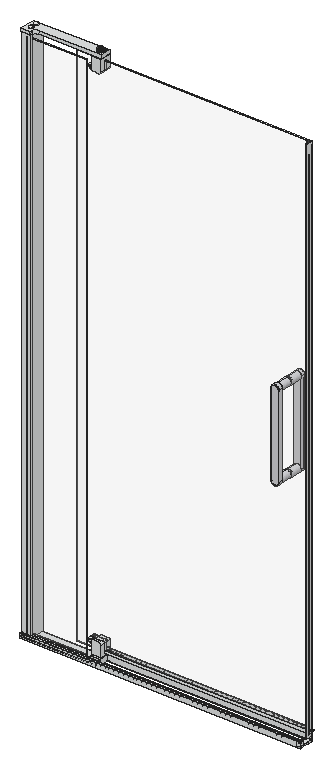
Revit family "Shower-Shower_Door-KOHLER-Revel-K-707510_1", category Specialty Equipment, host Face, Revit 2022 (continued)
Definition of nested family "K-707510"
  Dimensions and locks (in)
    aligned and locked: Extrusion 34 sketch curve to Extrusion 33  (x2)
    aligned and locked: Extrusion 34 sketch curve to plane 12
    aligned and locked: Extrusion 34 sketch curve to plane 11
    aligned and locked: Extrusion 35 sketch curve to Extrusion 4  (x2)
    aligned and locked: Extrusion 35 sketch curve to plane 4
    aligned and locked: plane 9 to Extrusion 35
    aligned and locked: plane 4 to Extrusion 36
    aligned and locked: plane 6 to Extrusion 36
    aligned and locked: Extrusion 37 sketch curve to plane 6
    aligned and locked: Extrusion 37 sketch curve to Extrusion 22
    aligned and locked: Extrusion 22 to Extrusion 37 sketch curve
    aligned and locked: plane 25 to Extrusion 37
    aligned and locked: plane 29 to Masking region 1 sketch curve
  Automatic sketch dimensions
    curve 94 to curve 95 = 0"  (x2)
    curve 94 to curve 96 = 0"  (x2)
    curve 94 to curve 97 = 0"  (x2)
    curve 94 to curve 98 = 0"  (x2)
    curve 95 to curve 96 = 0"  (x2)
    curve 95 to curve 97 = 0"  (x2)
    curve 95 to curve 98 = 0"  (x2)
    curve 96 to curve 97 = 0"  (x2)
    curve 96 to curve 98 = 0"  (x2)
    curve 97 to curve 98 = 0"  (x2)
    curve 175 to curve 176 = 0"  (x2)
    curve 175 to curve 177 = 0"  (x2)
    curve 175 to curve 178 = 0"  (x2)
    curve 176 to curve 177 = 0"  (x2)
    curve 176 to curve 178 = 0"  (x2)
    curve 177 to curve 178 = 0"  (x2)
    curve 83 to plane 4 = 0"
    curve 77 to plane 15 = 0"
    plane 1 "Center (Front/Back)" to curve 96 = 0"
    curve 98 to plane 30 = 0"
    curve 78 to plane 15 = 0"
    curve 81 to plane 29 = 0"
    curve 135 to plane 29 = 0"
    plane 16 to curve 145 = 0"
    plane 16 to curve 146 = 0"
    curve 166 to plane 17 = 0"
    curve 170 to plane 17 = 0"
    curve 161 to plane 6 = 0"
    curve 171 to plane 6 = 0"
    curve 156 to plane 6 = 0"
    plane 16 to curve 170 = 0"
    plane 21 "A" to curve 134 = 0.03673"
    plane 20 to curve 134 = 0.13423"
    plane 22 "B" to curve 119 = 0.03673"
    plane 20 to curve 119 = 0.13423"
    plane 20 to curve 131 = 0.03673"
    plane 20 to curve 132 = 0.03673"
    plane 20 to curve 114 = 0.03673"
    plane 20 to curve 112 = 0.03673"
    curve 124 to plane 20 = 0.03673"
    curve 126 to plane 20 = 0.03673"
    curve 121 to plane 20 = 0.03673"
    curve 115 to plane 20 = 0.03673"
    plane 22 "B" to curve 115 = 0.03673"
    curve 113 to curve 115 = 0.0975"
    plane 21 "A" to curve 128 = 0.03673"
    curve 129 to curve 128 = 0.0975"
    curve 84 to curve 84 = 0.09093"
    curve 88 to plane 5 = 61/256"
    curve 87 to plane 5 = 0.03"
    curve 86 to plane 5 = 0.03"
    curve 108 to plane 1 "Center (Front/Back)" = 0.02884"
    plane 30 to curve 108 = 0.1285"
    plane 30 to curve 173 = 0.07998"
    plane 30 to curve 100 = 0.02884"
    plane 30 to curve 101 = 0.02884"
    plane 30 to curve 178 = 0.0001"
    plane 30 to curve 172 = 0.0001"
    curve 109 to plane 30 = 0.02884"
    curve 102 to plane 30 = 0.02884"
    plane 1 "Center (Front/Back)" to curve 104 = 0.02884"
    curve 106 to curve 104 = 0.09966"
    plane 1 "Center (Front/Back)" to curve 174 = 0.04856"
    curve 174 to plane 29 = 0.23277"
    curve 153 to plane 22 "B" = 0.01865"
    curve 153 to plane 17 = 0.03365"
    plane 17 to curve 168 = 0.01322"
    plane 17 to curve 149 = 0.02423"
    curve 149 to curve 151 = 0.00633"
    curve 150 to curve 152 = 0.05885"
    curve 136 to curve 150 = 0.02791"
    plane 17 to curve 162 = 0.11822"
    curve 162 to curve 163 = 0.01968"
    curve 163 to curve 160 = 0.00559"
    plane 1 "Center (Front/Back)" to curve 139 = 0.097"
    curve 137 to plane 1 "Center (Front/Back)" = 0.135"
    curve 161 to plane 21 "A" = 0.01791"
    curve 161 to curve 161 = 0.12867"
    curve 161 to curve 160 = 0.02447"
    curve 152 to plane 6 = 0.06578"
    curve 159 to plane 6 = 0.03401"
    curve 153 to plane 6 = 0.0305"
    curve 83 to curve 82 = 0.1652"
    curve 87 to plane 16 = 0.4581"
    curve 87 to curve 88 = 0.11575"
    curve 133 to curve 129 = 0.0975"
    curve 123 to plane 21 "A" = 0.03673"
    curve 125 to plane 21 "A" = 0.03673"
    curve 161 to curve 159 = 0.03702"
    curve 123 to curve 123 = 0.0975"
    plane 1 "Center (Front/Back)" to curve 162 = 0.15131"
    curve 162 to curve 163 = 0.01294"
    curve 107 to curve 106 = 0.09966"
    plane 1 "Center (Front/Back)" to curve 110 = 0.02884"
    curve 102 to plane 1 "Center (Front/Back)" = 0.02884"
    curve 99 to curve 172 = 0.00248"
    curve 136 to curve 150 = 0.05535"
    curve 99 to curve 99 = 0.09966"
    curve 150 to curve 151 = 0.06544"
    curve 151 to curve 149 = 0.00927"
    curve 114 to plane 22 "B" = 0.13423"
    curve 158 to curve 156 = 0.03627"
    curve 121 to plane 22 "B" = 0.03673"
    curve 118 to plane 22 "B" = 0.03673"
    curve 111 to curve 112 = 0.0975"
    plane 22 "B" to curve 173 = 0.16284"
    curve 173 to curve 178 = 0.00699"
    curve 91 to curve 84 = 0.00607"
    plane 5 to curve 90 = 0.27052"
    plane 5 to curve 77 = 0.38638"
    curve 96 to curve 105 = 0.2311"
    curve 94 to curve 105 = 0.08693"
    plane 22 "B" to curve 173 = 0.01706"
    curve 77 to curve 173 = 0.00276"
    curve 172 to curve 173 = 0"
    curve 178 to curve 173 = 0.01712"
    curve 173 to curve 176 = 0.00256"
    curve 78 to plane 30 = 0.12544"
    plane 1 "Center (Front/Back)" to curve 174 = 0.13925"
    curve 78 to plane 29 = 0.1683"
    curve 92 to plane 29 = 0.04478"
    plane 1 "Center (Front/Back)" to curve 142 = 0.1776"
    curve 142 to plane 7 "K" = 0.49213"
    curve 91 to plane 7 "K" = 0.49213"
    curve 141 to plane 15 = 0.19046"
    curve 141 to plane 7 "K" = 0.49213"
    curve 148 to plane 7 "K" = 0.49213"
    plane 7 "K" to curve 169 = 0.49213"
    curve 143 to curve 146 = 0"
    plane 7 "K" to curve 148 = 0.49213"
    curve 144 to curve 143 = 0"
    curve 149 to plane 17 = 0.08525"
    curve 164 to curve 149 = 0.02832"
    curve 163 to curve 166 = 0.01729"
    curve 165 to curve 151 = 0.01577"
    curve 166 to curve 167 = 0.04882"
    curve 145 to curve 147 = 0.05765"
    curve 170 to curve 169 = 0.25835"
    curve 171 to plane 16 = 0.32273"
    curve 90 to curve 93 = 0.123"
    curve 92 to curve 90 = 0.11678"
    curve 170 to curve 166 = 0.15865"
    curve 80 to plane 21 "A" = 0.21563"
    curve 145 to curve 142 = 0.15865"
    curve 146 to plane 21 "A" = 0.21563"
    curve 144 to curve 144 = 0.0806"
    curve 79 to curve 139 = 0.0806"
    curve 141 to curve 140 = 0.06725"
    curve 79 to plane 15 = 0.19046"
    curve 143 to plane 15 = 0.19046"
    plane 13 to curve 148 = 0.51403"
    curve 38 to curve 39 = 0"  (x2)
    plane 4 to curve 3 = 0"
    plane 4 to curve 5 = 0"
    curve 1 to plane 8 = 0"
    curve 4 to plane 18 = 0"
    curve 4 to plane 19 = 0"
    curve 3 to plane 9 = 0"
    curve 14 to plane 23 "C" = 0"
    curve 6 to plane 5 = 0"
    curve 5 to plane 5 = 0"
    curve 36 to plane 19 = 0"
    curve 13 to plane 18 = 0"
    curve 25 to plane 8 = 0"
    curve 22 to plane 9 = 0"
    curve 37 to plane 19 = 0"
    curve 15 to plane 18 = 0"
    curve 16 to plane 17 = 0"
    curve 18 to plane 17 = 0"
    curve 21 to plane 24 = 0"
    curve 17 to plane 6 = 0"
    curve 38 to plane 10 "D" = 0"
    curve 20 to plane 24 = 0"
    curve 6 to plane 19 = 0"
    curve 14 to plane 5 = 0.03234"
    plane 10 "D" to curve 36 = 0.02692"
    plane 5 to curve 36 = 0.26228"
    curve 7 to plane 23 "C" = 0.03784"
    plane 5 to curve 7 = 0.28002"
    curve 34 to curve 34 = 0.25241"
    curve 7 to curve 8 = 0.24016"
    plane 10 "D" to curve 35 = 0.02692"
    curve 35 to plane 29 = 0.31124"
    curve 9 to plane 29 = 0.28385"
    curve 11 to plane 23 "C" = 0.03893"
    plane 17 to curve 21 = 0.11822"
    plane 18 to curve 18 = 0.04195"
    plane 8 to curve 2 = 0.03277"
    plane 20 to curve 2 = 0.246"
    curve 2 to curve 1 = 0"  (x2)
    curve 1 to plane 20 = 0.246"
    curve 4 to plane 20 = 0.48083"
    curve 1 to curve 3 = 0.23863"
    plane 5 to curve 24 = 0.26706"
    curve 34 to curve 39 = 0.02188"
    plane 28 to curve 27 = 0.16051"
    plane 30 to curve 27 = 0.32504"
    plane 30 to curve 13 = 0.23622"
    curve 12 to curve 13 = 0"
    curve 27 to curve 25 = 23/256"
    curve 27 to curve 26 = 23/256"
    curve 23 to plane 9 = 0.07121"
    plane 30 to curve 23 = 0.23519"
    curve 22 to curve 23 = 0"  (x2)
    curve 22 to plane 30 = 0.23519"
    curve 25 to plane 30 = 0.23519"
    curve 26 to curve 25 = 0"
    curve 13 to plane 30 = 0.23622"
    curve 13 to curve 12 = 0.00481"
    curve 26 to curve 27 = 23/256"
    curve 24 to plane 29 = 0.06361"
    curve 15 to plane 29 = 0.04478"
    curve 28 to curve 20 = 0.07434"
    curve 18 to curve 15 = 0.13054"
    curve 16 to level = 0.00013"
    plane 18 to curve 12 = 0.12358"
    plane 18 to curve 11 = 0.16295"
    plane 18 to curve 7 = 0.46758"
    curve 6 to curve 7 = 0"
    curve 11 to curve 19 = 0.54145"
    plane 23 "C" to curve 14 = 0.31068"
    curve 38 to plane 10 "D" = 0.16965"
    curve 24 to plane 9 = 0.13399"
    curve 26 to curve 27 = 0.063"
    Extrusion 1 sketch curve to level = 0"
    Extrusion 1 sketch curve to plane 16 = 0.06835"
    Extrusion 1 sketch curve to Extrusion 1 sketch curve = 0.0575"
    Extrusion 1 sketch curve to Extrusion 1 sketch curve = 0.00517"
    Extrusion 1 sketch curve to Extrusion 1 sketch curve = 0.01419"
    Extrusion 1 sketch curve to Extrusion 1 sketch curve = 0.06095"
    level to Extrusion 1 sketch curve = 1/16"
    Extrusion 1 sketch curve to plane 21 "A" = 0.24875"
    Extrusion 1 sketch curve to Extrusion 1 sketch curve = 0.0269"
    Extrusion 1 sketch curve to plane 15 = 0.11294"
    Extrusion 1 sketch curve to plane 15 = 0.10972"
    level to Extrusion 1 sketch curve = 0.0362"
    level to Extrusion 1 sketch curve = 0.1353"
    Extrusion 1 sketch curve to Extrusion 1 sketch curve = 0.18081"
    Extrusion 1 sketch curve to plane 18 = 0.14992"
    Extrusion 2 sketch curve to plane 16 = 0"
    Extrusion 2 sketch curve to plane 18 = 0"
    Extrusion 2 sketch curve to level = 0"
    Extrusion 2 sketch curve to Extrusion 2 sketch curve = 0.02565"
    Extrusion 2 sketch curve to Extrusion 2 sketch curve = 0.04849"
    Extrusion 2 sketch curve to plane 16 = 0.06835"
    Extrusion 2 sketch curve to Extrusion 2 sketch curve = 0.01986"
    Extrusion 2 sketch curve to Extrusion 2 sketch curve = 0.13"
    Extrusion 2 sketch curve to Extrusion 2 sketch curve = 0.03"
    Extrusion 2 sketch curve to Extrusion 2 sketch curve = 0.02306"
    level to Extrusion 2 sketch curve = 0.06"
    Extrusion 2 sketch curve to plane 21 "A" = 0.21563"
    Extrusion 2 sketch curve to level = 0.00012"
    Extrusion 2 sketch curve to Extrusion 2 sketch curve = 0.05002"
    Extrusion 2 sketch curve to Extrusion 2 sketch curve = 0.06012"
    Extrusion 2 sketch curve to Extrusion 2 sketch curve = 0.23886"
    Extrusion 2 sketch curve to Extrusion 2 sketch curve = 0.03927"
    Extrusion 3 sketch curve to plane 16 = 0"
    Extrusion 3 sketch curve to plane 18 = 0"
    plane 16 to Extrusion 3 sketch curve = 0.01592"
    Extrusion 3 sketch curve to Extrusion 3 sketch curve = 0.01926"
    Extrusion 3 sketch curve to plane 16 = 0.27398"
    Extrusion 3 sketch curve to Extrusion 3 sketch curve = 0.02839"
    level to Extrusion 3 sketch curve = 0.12718"
    Extrusion 3 sketch curve to Extrusion 3 sketch curve = 0.02873"
    Extrusion 3 sketch curve to Extrusion 3 sketch curve = 0.00215"
    Extrusion 3 sketch curve to Extrusion 3 sketch curve = 0.01786"
    Extrusion 3 sketch curve to Extrusion 3 sketch curve = 0.03964"
    level to Extrusion 3 sketch curve = 0.02652"
    Extrusion 3 sketch curve to plane 21 "A" = 0.24875"
    Extrusion 3 sketch curve to level = 0.00012"
    Extrusion 3 sketch curve to plane 22 "B" = 0.05137"
    Extrusion 3 sketch curve to plane 22 "B" = 0.04724"
    Extrusion 3 sketch curve to plane 22 "B" = 0.01862"
    level to Extrusion 3 sketch curve = 0.03588"
    Extrusion 3 sketch curve to Extrusion 3 sketch curve = 0.03586"
    Extrusion 3 sketch curve to Extrusion 3 sketch curve = 0.17605"
    plane 18 to Extrusion 3 sketch curve = 0.01936"
    Extrusion 4 sketch curve to plane 4 = 0"  (x3)
    Extrusion 4 sketch curve to Extrusion 4 sketch curve = 0.0602"  (x3)
    plane 20 to Extrusion 4 sketch curve = 0.07962"  (x2)
    Extrusion 4 sketch curve to plane 20 = 0.12868"
    Extrusion 4 sketch curve to Extrusion 4 sketch curve = 0.35216"
    Extrusion 4 sketch curve to plane 15 = 0.06541"
    Extrusion 4 sketch curve to plane 20 = 0.48463"
    Extrusion 4 sketch curve to Extrusion 4 sketch curve = 0.08028"
    Extrusion 4 sketch curve to plane 22 "B" = 0.05739"
    Extrusion 4 sketch curve to Extrusion 4 sketch curve = 0.06414"
    Extrusion 4 sketch curve to plane 21 "A" = 0.12285"
    Extrusion 4 sketch curve to plane 21 "A" = 0.05862"
    plane 21 "A" to Extrusion 4 sketch curve = 0.29112"
    Extrusion 4 sketch curve to Extrusion 4 sketch curve = 0.11575"
    Extrusion 4 sketch curve to plane 16 = 0.32135"
    Extrusion 4 sketch curve to Extrusion 4 sketch curve = 0.063"
    plane 20 to Extrusion 5 sketch curve = 0.07962"  (x2)
    Extrusion 5 sketch curve to plane 20 = 0.12868"
    Extrusion 5 sketch curve to plane 5 = 61/256"
    Extrusion 5 sketch curve to plane 5 = 0.03"  (x2)
    Extrusion 5 sketch curve to plane 16 = 0.4581"
    Extrusion 5 sketch curve to Extrusion 5 sketch curve = 0.11575"
    Extrusion 6 sketch curve to plane 15 = 0"
    Extrusion 6 sketch curve to plane 16 = 0.20009"
    Extrusion 6 sketch curve to plane 20 = 0.45693"
    Extrusion 6 sketch curve to Extrusion 6 sketch curve = 0.09093"
    Extrusion 6 sketch curve to Extrusion 6 sketch curve = 0.51584"
    Extrusion 6 sketch curve to Extrusion 6 sketch curve = 0.07427"
    Revolve 7 sketch curve to plane 8 = 0.10388"
    Revolve 7 sketch curve to Revolve 7 sketch curve = 0.03277"
    Revolve 7 sketch curve to Revolve 7 sketch curve = 0.17753"
    Revolve 7 sketch curve to plane 28 = 0.02929"
    Revolve 7 sketch curve to Revolve 7 sketch curve = 0.2419"
    Revolve 8 sketch curve to Revolve 8 sketch curve = 0.03277"
    Revolve 8 sketch curve to Revolve 8 sketch curve = 0.17753"
    Revolve 8 sketch curve to plane 8 = 0.10388"
    plane 28 to Revolve 8 sketch curve = 0.01062"
    Revolve 8 sketch curve to plane 28 = 0.13893"
    Extrusion 9 sketch curve to level = 0"
    Extrusion 9 sketch curve to plane 16 = 0.06835"
    Extrusion 9 sketch curve to Extrusion 9 sketch curve = 0.0575"
    Extrusion 9 sketch curve to Extrusion 9 sketch curve = 0.11628"
    Extrusion 9 sketch curve to Extrusion 9 sketch curve = 0.01"
    Extrusion 9 sketch curve to Extrusion 9 sketch curve = 0.0365"
    Extrusion 9 sketch curve to plane 18 = 0.00492"  (x2)
    Extrusion 9 sketch curve to Extrusion 9 sketch curve = 0.03091"
    Extrusion 9 sketch curve to Extrusion 9 sketch curve = 0.05911"
    Extrusion 9 sketch curve to Extrusion 9 sketch curve = 1/8"
    Extrusion 9 sketch curve to Extrusion 9 sketch curve = 0.04573"
    Extrusion 9 sketch curve to Extrusion 9 sketch curve = 0.27637"
    Extrusion 9 sketch curve to Extrusion 9 sketch curve = 0.06091"
    Extrusion 9 sketch curve to Extrusion 9 sketch curve = 0.04562"
    level to Extrusion 9 sketch curve = 1/16"
    Extrusion 9 sketch curve to plane 21 "A" = 0.24913"
    Extrusion 9 sketch curve to Extrusion 9 sketch curve = 1/32"
    Extrusion 9 sketch curve to plane 15 = 0.07674"
    level to Extrusion 9 sketch curve = 0.13559"
    level to Extrusion 9 sketch curve = 1/4"
    Extrusion 9 sketch curve to Extrusion 9 sketch curve = 0.05172"
    Extrusion 9 sketch curve to plane 18 = 0.14992"
    Extrusion 10 sketch curve to plane 23 "C" = 0.03784"
    plane 5 to Extrusion 10 sketch curve = 0.28002"
    Extrusion 10 sketch curve to Extrusion 10 sketch curve = 0.03852"
    Extrusion 10 sketch curve to Extrusion 10 sketch curve = 0.24016"
    Extrusion 10 sketch curve to plane 23 "C" = 0.03893"
    Extrusion 10 sketch curve to plane 29 = 0.28385"
    Extrusion 10 sketch curve to Extrusion 10 sketch curve = 0.03937"
    plane 18 to Extrusion 10 sketch curve = 0.16295"
    plane 1 "Center (Front/Back)" to Extrusion 11 sketch curve = 0.223"
    Extrusion 11 sketch curve to plane 22 "B" = 0.04449"
    plane 18 to Extrusion 11 sketch curve = 0.46758"
    Extrusion 11 sketch curve to plane 23 "C" = 0.5088"
    plane 5 to Extrusion 12 sketch curve = 0.29971"
    Extrusion 12 sketch curve to plane 23 "C" = 0.25831"
    Extrusion 12 sketch curve to Extrusion 12 sketch curve = 0.22047"
    Extrusion 12 sketch curve to plane 23 "C" = 0.03893"
    Extrusion 12 sketch curve to plane 29 = 0.28385"
    plane 18 to Extrusion 12 sketch curve = 0.46758"
    plane 22 "B" to Revolve 13 sketch curve = 0.069"
    plane 22 "B" to Revolve 13 sketch curve = 0.02888"
    Revolve 13 sketch curve to plane 22 "B" = 0.14723"
    Revolve 13 sketch curve to Revolve 13 sketch curve = 0.03917"  (x2)
    plane 1 "Center (Front/Back)" to Revolve 13 sketch curve = 0.097"
    Revolve 13 sketch curve to Revolve 13 sketch curve = 0.17611"
    Revolve 13 sketch curve to plane 5 = 0.03234"  (x2)
    Revolve 13 sketch curve to plane 21 "A" = 0.19948"
    Revolve 13 sketch curve to plane 5 = 0.18945"
    Revolve 13 sketch curve to Revolve 13 sketch curve = 0.1116"  (x2)
    Revolve 13 sketch curve to Revolve 13 sketch curve = 0.00353"  (x2)
    Revolve 13 sketch curve to Revolve 13 sketch curve = 0.138"
    Revolve 13 sketch curve to Revolve 13 sketch curve = 0"
    plane 30 to Extrusion 14 sketch curve = 0.40567"
    Extrusion 14 sketch curve to Extrusion 14 sketch curve = 0.10908"  (x7)
    Extrusion 14 sketch curve to plane 30 = 0.21931"
    Extrusion 14 sketch curve to Extrusion 14 sketch curve = 0"  (x2)
    plane 23 "C" to Extrusion 14 sketch curve = 0.69196"
    Extrusion 14 sketch curve to Extrusion 14 sketch curve = 0.06298"  (x6)
    Extrusion 14 sketch curve to Extrusion 14 sketch curve = 0.12596"  (x6)
    Revolve 15 sketch curve to plane 5 = 0"  (x2)
    plane 22 "B" to Revolve 15 sketch curve = 0.07592"
    plane 22 "B" to Revolve 15 sketch curve = 0.0358"
    Revolve 15 sketch curve to plane 22 "B" = 0.14031"
    Revolve 15 sketch curve to Revolve 15 sketch curve = 0.03917"  (x2)
    plane 1 "Center (Front/Back)" to Revolve 15 sketch curve = 0.09007"
    Revolve 15 sketch curve to Revolve 15 sketch curve = 0.17611"
    Revolve 15 sketch curve to Revolve 15 sketch curve = 0.04012"
    Revolve 15 sketch curve to plane 5 = 0.15711"
    Revolve 15 sketch curve to Revolve 15 sketch curve = 0.1116"  (x2)
    Revolve 15 sketch curve to Revolve 15 sketch curve = 0.00353"  (x2)
    Revolve 15 sketch curve to Revolve 15 sketch curve = 0.04117"
    Revolve 15 sketch curve to Revolve 15 sketch curve = 0.03191"
    plane 1 "Center (Front/Back)" to Extrusion 16 sketch curve = 0.1776"
    plane 1 "Center (Front/Back)" to Extrusion 16 sketch curve = 0.13662"
    Extrusion 16 sketch curve to Extrusion 16 sketch curve = 0.01969"
    plane 1 "Center (Front/Back)" to Extrusion 16 sketch curve = 0.097"
    Extrusion 16 sketch curve to plane 1 "Center (Front/Back)" = 0.019"
    Extrusion 16 sketch curve to plane 1 "Center (Front/Back)" = 0.135"
    Extrusion 16 sketch curve to Extrusion 16 sketch curve = 0.01577"
    Extrusion 16 sketch curve to Extrusion 16 sketch curve = 0.06816"
    Extrusion 16 sketch curve to Extrusion 16 sketch curve = 0.02029"
    Extrusion 16 sketch curve to plane 22 "B" = 0.06943"
    Extrusion 16 sketch curve to plane 22 "B" = 0.05981"
    Extrusion 16 sketch curve to plane 22 "B" = 0.04455"
    Extrusion 16 sketch curve to Extrusion 16 sketch curve = 0.00192"
    Extrusion 16 sketch curve to Extrusion 16 sketch curve = 0.02195"
    Extrusion 16 sketch curve to plane 22 "B" = 0.0158"
    plane 22 "B" to Extrusion 16 sketch curve = 0.02709"
    plane 22 "B" to Extrusion 16 sketch curve = 0.1554"
    Extrusion 16 sketch curve to Extrusion 16 sketch curve = 0.13668"
    Extrusion 16 sketch curve to plane 15 = 0.10279"
    plane 13 to Extrusion 16 sketch curve = 0.13751"
    level to Extrusion 16 sketch curve = 0.02205"
    plane 18 to Extrusion 16 sketch curve = 0.38094"
    plane 18 to Extrusion 16 sketch curve = 0.46758"
    Extrusion 16 sketch curve to Extrusion 16 sketch curve = 0.05297"
    Extrusion 16 sketch curve to Extrusion 16 sketch curve = 0.06092"
    Extrusion 16 sketch curve to Extrusion 16 sketch curve = 0.00797"
    Extrusion 16 sketch curve to Extrusion 16 sketch curve = 0.08"
    Extrusion 16 sketch curve to Extrusion 16 sketch curve = 0.0482"
    Extrusion 16 sketch curve to Extrusion 16 sketch curve = 0.00549"
    Extrusion 16 sketch curve to Extrusion 16 sketch curve = 0.13016"
    Extrusion 16 sketch curve to Extrusion 16 sketch curve = 0.17562"
    Extrusion 16 sketch curve to Extrusion 16 sketch curve = 0.03365"
    Extrusion 16 sketch curve to Extrusion 16 sketch curve = 0.22138"
    Extrusion 16 sketch curve to Extrusion 16 sketch curve = 0.42658"
    Extrusion 16 sketch curve to Extrusion 16 sketch curve = 0.04739"
    Extrusion 16 sketch curve to plane 23 "C" = 0.6411"
    Extrusion 16 sketch curve to Extrusion 16 sketch curve = 0"  (x4)
    Extrusion 16 sketch curve to plane 22 "B" = 0.00715"
    Extrusion 16 sketch curve to Extrusion 16 sketch curve = 0.00661"
    Extrusion 17 sketch curve to Extrusion 17 sketch curve = 0.03321"  (x2)
    plane 10 "D" to Extrusion 17 sketch curve = 0.02692"  (x2)
    Extrusion 17 sketch curve to plane 29 = 0.05882"
    plane 30 to Extrusion 17 sketch curve = 0.37444"
    plane 1 "Center (Front/Back)" to Extrusion 18 sketch curve = 0.22762"
    Extrusion 18 sketch curve to plane 22 "B" = 0.08637"
    Revolve 19 sketch curve to plane 28 = 0"  (x2)
    plane 30 to Revolve 19 sketch curve = 0"  (x2)
    plane 28 to Revolve 19 sketch curve = 0.0456"
    Revolve 19 sketch curve to Revolve 19 sketch curve = 0.21543"
    plane 30 to Revolve 19 sketch curve = 0.23519"
    Revolve 19 sketch curve to Revolve 19 sketch curve = 0"
    Revolve 19 sketch curve to Revolve 19 sketch curve = 0.03937"
    plane 28 to Revolve 19 sketch curve = 0.02777"
    Revolve 19 sketch curve to Revolve 19 sketch curve = 0.0629"
    plane 28 to Revolve 19 sketch curve = 0.02391"
    plane 28 to Revolve 19 sketch curve = 0.16051"
    Revolve 19 sketch curve to Revolve 19 sketch curve = 23/256"
    Revolve 19 sketch curve to Revolve 19 sketch curve = 0.03457"
    Revolve 19 sketch curve to plane 9 = 0.07121"
    plane 5 to Revolve 19 sketch curve = 0.26706"
    Revolve 19 sketch curve to Revolve 19 sketch curve = 0.06278"
    plane 9 to Revolve 19 sketch curve = 0.12667"
    Revolve 19 sketch curve to Revolve 19 sketch curve = 0.08534"
    Revolve 19 sketch curve to Revolve 19 sketch curve = 0.063"
    Revolve 19 sketch curve to Revolve 19 sketch curve = 0.19685"
    plane 5 to Extrusion 20 sketch curve = 0.28196"
    plane 10 "D" to Extrusion 20 sketch curve = 0.02692"  (x2)
    Extrusion 20 sketch curve to Extrusion 20 sketch curve = 0.23273"
    Extrusion 20 sketch curve to plane 29 = 0.31124"
    Extrusion 21 sketch curve to plane 22 "B" = 0.01865"
    Extrusion 21 sketch curve to Extrusion 21 sketch curve = 0.0175"
    Extrusion 21 sketch curve to Extrusion 21 sketch curve = 0.0305"
    Extrusion 21 sketch curve to Extrusion 21 sketch curve = 0.00451"
    Extrusion 21 sketch curve to Extrusion 21 sketch curve = 0.03627"
    plane 17 to Extrusion 21 sketch curve = 0.02423"
    Extrusion 21 sketch curve to Extrusion 21 sketch curve = 0.11878"
    Extrusion 21 sketch curve to Extrusion 21 sketch curve = 0.00927"
    Extrusion 21 sketch curve to Extrusion 21 sketch curve = 0.00479"
    Extrusion 21 sketch curve to plane 1 "Center (Front/Back)" = 0.07435"
    plane 1 "Center (Front/Back)" to Extrusion 21 sketch curve = 0.11549"
    Extrusion 21 sketch curve to Extrusion 21 sketch curve = 0.02288"
    Extrusion 21 sketch curve to Extrusion 21 sketch curve = 0.01294"
    Extrusion 21 sketch curve to plane 21 "A" = 0.05493"
    Extrusion 21 sketch curve to plane 21 "A" = 0.01791"
    plane 17 to Extrusion 21 sketch curve = 0.01322"
    Extrusion 21 sketch curve to plane 17 = 0.03365"
    Extrusion 21 sketch curve to plane 17 = 0.08525"
    Extrusion 21 sketch curve to Extrusion 21 sketch curve = 0.00633"
    Extrusion 21 sketch curve to Extrusion 21 sketch curve = 0.05885"
    plane 17 to Extrusion 21 sketch curve = 0.08389"
    plane 17 to Extrusion 21 sketch curve = 0.11822"
    Extrusion 21 sketch curve to Extrusion 21 sketch curve = 0.01968"
    Extrusion 21 sketch curve to Extrusion 21 sketch curve = 0.12867"
    Extrusion 21 sketch curve to Extrusion 21 sketch curve = 0.02447"
    Extrusion 21 sketch curve to Extrusion 21 sketch curve = 0.03528"
    Extrusion 22 sketch curve to plane 1 "Center (Front/Back)" = 0.135"
    Extrusion 22 sketch curve to plane 5 = 2.09848"
    plane 1 "Center (Front/Back)" to Extrusion 22 sketch curve = 0.097"
    Extrusion 22 sketch curve to Extrusion 22 sketch curve = 0"
    Extrusion 22 sketch curve to Extrusion 22 sketch curve = 0.20927"
    plane 17 to Extrusion 22 sketch curve = 0.05598"
    Extrusion 22 sketch curve to plane 6 = 0.23329"
    plane 25 to Extrusion 23 sketch curve = 0.06719"  (x4)
    plane 30 to Extrusion 23 sketch curve = 0.42286"
    Extrusion 23 sketch curve to plane 25 = 0.12174"  (x2)
    Extrusion 23 sketch curve to Extrusion 23 sketch curve = 0.10908"  (x7)
    plane 25 to Extrusion 23 sketch curve = 0.00422"  (x2)
    Extrusion 23 sketch curve to plane 24 = 0.12366"  (x2)
    Extrusion 23 sketch curve to plane 30 = 0.20393"
    Extrusion 23 sketch curve to Extrusion 23 sketch curve = 0"
    Extrusion 23 sketch curve to plane 25 = 0.05876"  (x4)
    Revolve 24 sketch curve to plane 12 = 0"
    plane 26 to Revolve 24 sketch curve = 0.24424"
    plane 13 to Revolve 24 sketch curve = 0.51403"
    Revolve 24 sketch curve to plane 1 "Center (Front/Back)" = 0.135"
    plane 1 "Center (Front/Back)" to Revolve 24 sketch curve = 0.097"
    Revolve 24 sketch curve to plane 16 = 0.05765"
    Revolve 24 sketch curve to plane 13 = 1.06078"
    Revolve 24 sketch curve to Revolve 24 sketch curve = 0.3937"
    plane 1 "Center (Front/Back)" to Revolve 25 sketch curve = 0.097"
    Revolve 25 sketch curve to plane 27 = 0.24424"
    Revolve 25 sketch curve to plane 1 "Center (Front/Back)" = 0.135"
    plane 13 to Revolve 25 sketch curve = 0.51403"
    Revolve 25 sketch curve to plane 16 = 0.05765"
    Revolve 25 sketch curve to plane 13 = 3.81668"
    Revolve 25 sketch curve to Revolve 25 sketch curve = 0.7874"
    Sweep 26 sketch curve to profile plane = 0"
    Sweep 26 sketch curve to profile plane = 0.03819"
    Sweep 26 sketch curve to Sweep 26 sketch curve = 0.03217"
    plane 1 "Center (Front/Back)" to Sweep 26 sketch curve = 1.47495"
    Sweep 26 sketch curve to Sweep 26 sketch curve = 0.48457"
    Extrusion 27 sketch curve to plane 27 = 0"
    Sweep 28 sketch curve to profile plane = 0"
    profile plane to Sweep 28 sketch curve = 0.03596"
    Sweep 28 sketch curve to Sweep 28 sketch curve = 0.04726"
    Sweep 28 sketch curve to plane 1 "Center (Front/Back)" = 2.10994"
    Sweep 28 sketch curve to Sweep 28 sketch curve = 0.47807"
    Extrusion 29 sketch curve to plane 27 = 0"
    Extrusion 29 sketch curve to plane 26 = 0"
    plane 1 "Center (Front/Back)" to Extrusion 30 sketch curve = 0"
    Extrusion 30 sketch curve to plane 30 = 0"
    Masking region 1 sketch curve to Masking region 1 sketch curve = 0"  (x3)
    plane 20 to Masking region 1 sketch curve = 0"
    Masking region 1 sketch curve to plane 8 = 0"  (x2)
    Masking region 1 sketch curve to plane 5 = 0"
    Masking region 1 sketch curve to plane 28 = 0"
    Masking region 1 sketch curve to plane 18 = 0"  (x2)
    Masking region 1 sketch curve to plane 9 = 0"
    Masking region 1 sketch curve to plane 19 = 0"
    Masking region 1 sketch curve to level = 0"
    plane 20 to Masking region 1 sketch curve = 0.246"
    Masking region 1 sketch curve to plane 20 = 0.246"
    plane 5 to Masking region 1 sketch curve = 0.26228"
    Masking region 1 sketch curve to plane 9 = 0.07121"  (x2)
    Masking region 1 sketch curve to Masking region 1 sketch curve = 0.00478"
    Masking region 1 sketch curve to Masking region 1 sketch curve = 0.28002"
    Masking region 1 sketch curve to Masking region 1 sketch curve = 0.03852"
    Masking region 1 sketch curve to Masking region 1 sketch curve = 0.11765"
    plane 8 to Masking region 1 sketch curve = 0.1409"
    plane 30 to Masking region 1 sketch curve = 0.3596"
    plane 28 to Masking region 1 sketch curve = 0.16051"  (x2)
    Masking region 1 sketch curve to Masking region 1 sketch curve = 0.03457"  (x2)
    plane 28 to Masking region 1 sketch curve = 0.02092"  (x2)
    Masking region 1 sketch curve to Masking region 1 sketch curve = 0.01962"
    plane 28 to Masking region 1 sketch curve = 0.02431"
    plane 30 to Masking region 1 sketch curve = 0.23622"
    plane 30 to Masking region 1 sketch curve = 0.23519"
    Masking region 1 sketch curve to Masking region 1 sketch curve = 23/256"  (x2)
    Masking region 1 sketch curve to plane 30 = 0.23519"  (x2)
    Masking region 1 sketch curve to plane 30 = 0.23622"
    Masking region 1 sketch curve to Masking region 1 sketch curve = 0.04616"
    Masking region 1 sketch curve to Masking region 1 sketch curve = 0.02407"
    Masking region 1 sketch curve to plane 29 = 0.17647"
    Masking region 1 sketch curve to plane 29 = 0.08415"
    Masking region 1 sketch curve to plane 29 = 0.06361"
    Masking region 1 sketch curve to plane 29 = 0.05882"
    Masking region 1 sketch curve to plane 29 = 0.04478"
    Masking region 1 sketch curve to Masking region 1 sketch curve = 0.20301"
    Masking region 1 sketch curve to Masking region 1 sketch curve = 0.12358"
    plane 18 to Masking region 1 sketch curve = 0.12358"
    Masking region 1 sketch curve to Masking region 1 sketch curve = 0.03937"
    Masking region 1 sketch curve to Masking region 1 sketch curve = 0.30548"
    Masking region 1 sketch curve to Masking region 1 sketch curve = 0.09599"  (x2)
    Masking region 1 sketch curve to plane 8 = 0.10415"
    Masking region 1 sketch curve to Masking region 1 sketch curve = 0.03277"
    Masking region 1 sketch curve to Masking region 1 sketch curve = 0.063"
    Masking region 2 sketch curve to Masking region 2 sketch curve = 0"  (x7)
    Masking region 2 sketch curve to level = 0"  (x2)
    Masking region 2 sketch curve to plane 16 = 0"  (x2)
    Masking region 2 sketch curve to plane 11 = 0"
    Masking region 2 sketch curve to plane 13 = 0"
    Masking region 2 sketch curve to plane 14 = 0"
    Masking region 2 sketch curve to plane 12 = 0"  (x2)
    Masking region 2 sketch curve to plane 9 = 0"
    Masking region 2 sketch curve to plane 21 "A" = 0"
    Masking region 2 sketch curve to plane 22 "B" = 0"
    Masking region 2 sketch curve to plane 8 = 0"  (x2)
    Masking region 2 sketch curve to plane 15 = 0"
    Masking region 2 sketch curve to level = 0.00012"
    level to Masking region 2 sketch curve = 0.01986"
    Masking region 2 sketch curve to Masking region 2 sketch curve = 0.0269"
    level to Masking region 2 sketch curve = 0.03588"
    Masking region 2 sketch curve to Masking region 2 sketch curve = 0.0331"
    Masking region 2 sketch curve to Masking region 2 sketch curve = 0.00251"
    Masking region 2 sketch curve to Masking region 2 sketch curve = 0.05002"
    Masking region 2 sketch curve to Masking region 2 sketch curve = 0.06012"
    Masking region 2 sketch curve to Masking region 2 sketch curve = 0.0053"
    level to Masking region 2 sketch curve = 0.21702"
    Masking region 2 sketch curve to Masking region 2 sketch curve = 0.03298"  (x2)
    Masking region 2 sketch curve to Masking region 2 sketch curve = 0.12887"
    Masking region 2 sketch curve to Masking region 2 sketch curve = 0.04783"
    Masking region 2 sketch curve to Masking region 2 sketch curve = 0.04523"
    Masking region 2 sketch curve to Masking region 2 sketch curve = 0.056"
    Masking region 2 sketch curve to Masking region 2 sketch curve = 0.112"
    Masking region 2 sketch curve to plane 18 = 0.06492"
    plane 18 to Masking region 2 sketch curve = 0.01936"
    Masking region 2 sketch curve to Masking region 2 sketch curve = 0.0226"
    Masking region 2 sketch curve to plane 15 = 0.01249"  (x4)
    plane 18 to Masking region 2 sketch curve = 0.12358"
    plane 15 to Masking region 2 sketch curve = 0.03695"  (x2)
    Masking region 2 sketch curve to Masking region 2 sketch curve = 0.65502"
    plane 23 "C" to Masking region 2 sketch curve = 0.37702"
    Masking region 2 sketch curve to plane 23 "C" = 0.278"
    Masking region 2 sketch curve to Masking region 2 sketch curve = 0.03937"
    Masking region 2 sketch curve to Masking region 2 sketch curve = 0.04189"
    Masking region 2 sketch curve to plane 16 = 0.05765"
    plane 27 to Masking region 2 sketch curve = 0.49008"
    Masking region 2 sketch curve to plane 15 = 0.06541"  (x3)
    plane 27 to Masking region 2 sketch curve = 0.49213"
    Masking region 2 sketch curve to plane 26 = 0.49213"  (x2)
    Masking region 2 sketch curve to plane 12 = 0.03937"
    Masking region 2 sketch curve to plane 12 = 0.03773"
    plane 10 "D" to Masking region 2 sketch curve = 0.27933"
    Masking region 2 sketch curve to plane 25 = 0.18476"
    Masking region 2 sketch curve to plane 24 = 0.06065"
    Masking region 2 sketch curve to plane 9 = 0.13399"
    Masking region 2 sketch curve to plane 8 = 0.10301"  (x2)
    Masking region 2 sketch curve to Masking region 2 sketch curve = 0.03265"  (x3)
    plane 22 "B" to Masking region 2 sketch curve = 0.05679"
    plane 8 to Masking region 2 sketch curve = 0.17155"
    plane 22 "B" to Masking region 2 sketch curve = 0.03811"
    Masking region 2 sketch curve to Masking region 2 sketch curve = 0.03235"
    plane 28 to Masking region 2 sketch curve = 0.03296"  (x2)
    plane 28 to Masking region 2 sketch curve = 0.02837"  (x2)
    plane 13 to Masking region 2 sketch curve = 0.51403"
    Masking region 2 sketch curve to Masking region 2 sketch curve = 0.05292"  (x2)
    Masking region 2 sketch curve to plane 15 = 0.07674"
    plane 22 "B" to Masking region 2 sketch curve = 0.00335"
    Masking region 2 sketch curve to plane 22 "B" = 0.01523"
    plane 1 "Center (Front/Back)" to Masking region 2 sketch curve = 0.23689"
    Masking region 2 sketch curve to Masking region 2 sketch curve = 0.03674"
    Masking region 2 sketch curve to plane 21 "A" = 0.27565"
    Masking region 2 sketch curve to Masking region 2 sketch curve = 0.06964"
    Masking region 2 sketch curve to Masking region 2 sketch curve = 0.08795"
    Masking region 2 sketch curve to Masking region 2 sketch curve = 0.03313"
    Masking region 2 sketch curve to Masking region 2 sketch curve = 0.03477"
    Masking region 2 sketch curve to plane 16 = 0.25835"  (x2)
    Masking region 2 sketch curve to Masking region 2 sketch curve = 0.2007"
    Masking region 2 sketch curve to plane 16 = 0.25635"
    Masking region 2 sketch curve to Masking region 2 sketch curve = 0.028"
    Masking region 2 sketch curve to Masking region 2 sketch curve = 0.0365"
    Masking region 2 sketch curve to plane 16 = 0.20009"
    Masking region 2 sketch curve to Masking region 2 sketch curve = 0.01419"
    Masking region 2 sketch curve to Masking region 2 sketch curve = 0.00901"
    Masking region 2 sketch curve to Masking region 2 sketch curve = 0.0575"
    Masking region 2 sketch curve to plane 16 = 0.06835"  (x2)
    plane 16 to Masking region 2 sketch curve = 0.01592"
    curve 45 to level = 0"
    curve 44 to plane 16 = 0"
    curve 43 to plane 18 = 0"
    curve 56 to plane 11 = 0"
    curve 58 to plane 11 = 0"
    curve 59 to plane 11 = 0"
    curve 57 to plane 11 = 0"
    curve 63 to plane 12 = 0"
    curve 60 to plane 12 = 0"
    curve 62 to plane 12 = 0"
    curve 61 to plane 12 = 0"
    curve 53 to plane 9 = 0"
    curve 67 to plane 8 = 0"
    curve 68 to plane 8 = 0"
    level to curve 41 = 1/4"
    curve 44 to curve 44 = 0.02565"
    curve 42 to plane 18 = 0.02306"
    curve 72 to plane 22 "B" = 0.00166"
    curve 72 to plane 8 = 0.10106"
    curve 70 to curve 70 = 0.03265"
    curve 70 to plane 1 "Center (Front/Back)" = 0.07518"
    curve 41 to plane 16 = 0.25835"
    level to curve 47 = 0.06988"
    curve 47 to curve 47 = 0.06012"
    curve 47 to curve 46 = 0.13028"
    curve 46 to curve 44 = 0.12427"
    curve 43 to curve 41 = 0.04195"
    plane 18 to curve 48 = 0.12358"
    curve 49 to plane 15 = 0.01249"
    curve 48 to curve 49 = 0.65502"
    plane 23 "C" to curve 49 = 0.37702"
    curve 48 to plane 15 = 0.06541"
    curve 48 to plane 23 "C" = 0.278"
    curve 59 to plane 16 = 0.05765"
    plane 27 to curve 59 = 0.49008"
    curve 59 to curve 57 = 0"
    curve 56 to plane 15 = 0.06541"
    plane 27 to curve 56 = 0.49213"
    plane 27 to curve 58 = 0.49213"
    curve 60 to plane 15 = 0.06541"
    curve 60 to plane 26 = 0.49213"
    curve 63 to plane 16 = 0.05765"
    curve 63 to plane 26 = 0.49213"
    curve 63 to curve 62 = 0"
    curve 61 to plane 26 = 0.49213"
    curve 64 to plane 15 = 0.06541"
    plane 10 "D" to curve 64 = 0.27933"
    curve 65 to plane 15 = 0.01249"
    curve 65 to plane 25 = 0.18476"
    curve 65 to plane 24 = 0.06065"
    curve 64 to plane 9 = 0.13399"
    curve 68 to curve 69 = 0.03265"
    curve 74 to plane 22 "B" = 0.14018"
    plane 22 "B" to curve 72 = 0.05679"
    plane 22 "B" to curve 73 = 0.00355"
    curve 72 to curve 73 = 0.03235"
    curve 50 to plane 15 = 0.14569"
    curve 67 to plane 15 = 0.14464"
    curve 71 to curve 67 = 0"
    curve 40 to curve 50 = 0.03597"
    curve 66 to plane 15 = 0.06541"
    plane 13 to curve 58 = 0.51403"
    plane 13 to curve 61 = 0.51403"
    curve 51 to plane 22 "B" = 0.05739"
    curve 51 to curve 52 = 0.06414"
    plane 1 "Center (Front/Back)" to curve 74 = 0.23519"
    curve 74 to curve 67 = 0.0017"
    curve 67 to curve 69 = 0.06964"
    curve 68 to curve 69 = 0"
    curve 74 to curve 73 = 0.08965"
    curve 53 to plane 21 "A" = 0.12285"
    curve 54 to plane 21 "A" = 0.05862"
    plane 21 "A" to curve 68 = 0.24536"
    curve 69 to curve 68 = 0"
    curve 55 to plane 16 = 0.32135"
    curve 57 to curve 59 = 0.2007"
    curve 62 to curve 63 = 0.2007"
    curve 55 to curve 66 = 0.063"
    curve 46 to plane 16 = 0.06835"
    curve 47 to plane 16 = 0.06835"
    Masking region 3 sketch curve to plane 15 = 0"  (x3)
    Masking region 3 sketch curve to plane 29 = 0"  (x2)
    plane 16 to Masking region 3 sketch curve = 0"  (x2)
    plane 13 to Masking region 3 sketch curve = 0"
    plane 14 to Masking region 3 sketch curve = 0"
    Masking region 3 sketch curve to plane 7 "K" = 0"
    Masking region 3 sketch curve to plane 17 = 0"  (x2)
    plane 5 to Masking region 3 sketch curve = 0.38638"
    plane 15 to Masking region 3 sketch curve = 0.03695"  (x2)
    plane 30 to Masking region 3 sketch curve = 0.10905"
    Masking region 3 sketch curve to plane 30 = 0.12544"
    Masking region 3 sketch curve to plane 29 = 0.1683"
    Masking region 3 sketch curve to plane 14 = 0.05243"
    Masking region 3 sketch curve to plane 7 "K" = 0.49213"  (x3)
    Masking region 3 sketch curve to plane 21 "A" = 0.21563"  (x2)
    plane 13 to Masking region 3 sketch curve = 0.03693"  (x2)
    Masking region 3 sketch curve to Masking region 3 sketch curve = 0.4397"
    plane 7 "K" to Masking region 3 sketch curve = 0.4552"
    plane 7 "K" to Masking region 3 sketch curve = 0.49213"
    Masking region 3 sketch curve to Masking region 3 sketch curve = 0.05243"
    plane 16 to Masking region 3 sketch curve = 0.03852"
    Masking region 3 sketch curve to Masking region 3 sketch curve = 0.15865"  (x2)
    Masking region 3 sketch curve to plane 15 = 0.19046"
    Masking region 3 sketch curve to Masking region 3 sketch curve = 0.19046"
    Extrusion 31 sketch curve to Extrusion 31 sketch curve = 0"  (x5)
    plane 30 to Extrusion 31 sketch curve = 0.07998"
    plane 30 to Extrusion 31 sketch curve = 0.0001"
    plane 1 "Center (Front/Back)" to Extrusion 31 sketch curve = 0.04856"
    Extrusion 31 sketch curve to plane 29 = 0.23277"
    Extrusion 31 sketch curve to plane 1 "Center (Front/Back)" = 0.03132"
    plane 22 "B" to Extrusion 31 sketch curve = 0.16284"
    Extrusion 31 sketch curve to plane 15 = 0.07796"
    Extrusion 32 sketch curve to Extrusion 32 sketch curve = 0"  (x2)
    plane 30 to Extrusion 32 sketch curve = 0.0001"
    plane 22 "B" to Extrusion 32 sketch curve = 0.16983"
    plane 20 to Extrusion 35 sketch curve = 0.07962"  (x2)
    Extrusion 35 sketch curve to plane 20 = 0.12868"
    Extrusion 35 sketch curve to plane 16 = 0.25835"
    Extrusion 35 sketch curve to plane 16 = 0.4581"
    Extrusion 35 sketch curve to Extrusion 35 sketch curve = 0.11575"
    Extrusion 35 sketch curve to plane 15 = 0.06541"
    Extrusion 37 sketch curve to plane 17 = 0.03365"
    plane 17 to Extrusion 37 sketch curve = 0.08251"
    Extrusion 37 sketch curve to plane 1 "Center (Front/Back)" = 0.135"
    Extrusion 37 sketch curve to plane 21 "A" = 0.01791"
    Extrusion 37 sketch curve to plane 6 = 0.12867"
    Extrusion 37 sketch curve to plane 22 "B" = 0.01865"
    Extrusion 38 sketch curve to plane 9 = 0.13399"
    Extrusion 38 sketch curve to Extrusion 38 sketch curve = 0.03321"  (x2)
    Extrusion 38 sketch curve to plane 29 = 0.05882"
    plane 5 to Extrusion 38 sketch curve = 0.29548"
    Extrusion 36 sketch curve to level = 0"
    Extrusion 36 sketch curve to plane 16 = 0"
    Extrusion 36 sketch curve to plane 18 = 0"
    level to Extrusion 36 sketch curve = 1/4"
    Extrusion 36 sketch curve to plane 16 = 0.25835"
    Extrusion 36 sketch curve to plane 22 "B" = 0.01862"
    radius of curve 98 = 0.32504"
    radius of Extrusion 14 sketch curve = 0.18898"  (x2)
    radius of Extrusion 23 sketch curve = 0.18898"  (x2)
    radius of Extrusion 30 sketch curve = 0.23622"
    radius of Extrusion 32 sketch curve = 0.07731"
    radius of Extrusion 32 sketch curve = 0.097"
Types (7): name | Type | Secondary Finish | Product Page URL | Product Documentation Link | Model | Handle Finish | Finish | Description
  (no name) | 3 | Kohler-Glass-L-Crystal_Clear | "http://www.us.kohler.com/us/catalog/productDetails.jsp?productId=707510-L" | "https://www.us.kohler.com/webassets/kpna/catalog/pdf/en/K-707510-L_spec_US-CA_Kohler_en.pdf" | "K-707510-L-SHP" | Kohler-Metal-CP-Polished_Chrome | Kohler-Metal-SHP-Bright_Polished_Silver | "Pivot shower door, 70 inch H x 31-1/8 - 36 inch W, with 1/4 inch thick Crystal Clear glass"
  Clear Glass, ABZ-Anodized Dark Bronze | 1 | Kohler-Glass-L-Crystal_Clear | "http://www.us.kohler.com/us/catalog/productDetails.jsp?productId=707510-L" | "https://www.us.kohler.com/webassets/kpna/catalog/pdf/en/K-707510-L_spec_US-CA_Kohler_en.pdf" | "K-707510-L-ABZ" | Kohler-Metal-BL-Matte_Black | Kohler-Metal-ABZ-Anodized_Dark_Bronze | "Pivot shower door, 70 inch H x 31-1/8 - 36 inch W, with 1/4 inch thick Crystal Clear glass"
  Clear Glass, BNK-Anodized Brushed Nickel | 2 | Kohler-Glass-L-Crystal_Clear | "http://www.us.kohler.com/us/catalog/productDetails.jsp?productId=707510-L" | "https://www.us.kohler.com/webassets/kpna/catalog/pdf/en/K-707510-L_spec_US-CA_Kohler_en.pdf" | "K-707510-L-BNK" | Kohler-Metal-BN-Vibrant_Brushed_Nickel | Kohler-Metal-BNK-Anodized_Brushed_Nickel | "Pivot shower door, 70 inch H x 31-1/8 - 36 inch W, with 1/4 inch thick Crystal Clear glass"
  Clear Glass, SHP-Bright Polished Silver | 3 | Kohler-Glass-L-Crystal_Clear | "http://www.us.kohler.com/us/catalog/productDetails.jsp?productId=707510-L" | "https://www.us.kohler.com/webassets/kpna/catalog/pdf/en/K-707510-L_spec_US-CA_Kohler_en.pdf" | "K-707510-L-SHP" | Kohler-Metal-CP-Polished_Chrome | Kohler-Metal-SHP-Bright_Polished_Silver | "Pivot shower door, 70 inch H x 31-1/8 - 36 inch W, with 1/4 inch thick Crystal Clear glass"
  Frosted Glass, ABZ-Anodized Dark Bronze | 4 | KOHLER-Frosted_Glass | "http://www.us.kohler.com/us/catalog/productDetails.jsp?productId=707510-D3" | "https://www.us.kohler.com/webassets/kpna/catalog/pdf/en/K-707510-D3_spec_US-CA_Kohler_en.pdf" | "K-707510-D3-ABZ" | Kohler-Metal-BL-Matte_Black | Kohler-Metal-ABZ-Anodized_Dark_Bronze | "Pivot shower door, 70 inch H x 31-1/8 - 36 inch W, with 1/4 inch thick Frosted glass"
  Frosted Glass, BNK-Anodized Brushed Nickel | 5 | KOHLER-Frosted_Glass | "http://www.us.kohler.com/us/catalog/productDetails.jsp?productId=707510-D3" | "https://www.us.kohler.com/webassets/kpna/catalog/pdf/en/K-707510-D3_spec_US-CA_Kohler_en.pdf" | "K-707510-D3-BNK" | Kohler-Metal-BN-Vibrant_Brushed_Nickel | Kohler-Metal-BNK-Anodized_Brushed_Nickel | "Pivot shower door, 70 inch H x 31-1/8 - 36 inch W, with 1/4 inch thick Frosted glass"
  Frosted Glass, SHP-Bright Polished Silver | 6 | KOHLER-Frosted_Glass | "http://www.us.kohler.com/us/catalog/productDetails.jsp?productId=707510-D3" | "https://www.us.kohler.com/webassets/kpna/catalog/pdf/en/K-707510-D3_spec_US-CA_Kohler_en.pdf" | "K-707510-D3-SHP" | Kohler-Metal-CP-Polished_Chrome | Kohler-Metal-SHP-Bright_Polished_Silver | "Pivot shower door, 70 inch H x 31-1/8 - 36 inch W, with 1/4 inch thick Frosted glass"
